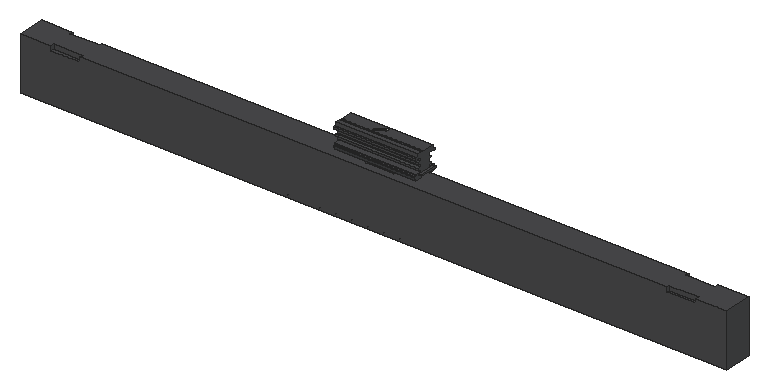
Revit family "DOT SINGLE HEAD RAIL 964_DTM40N9.5.24", category Luminarias, Revit 2019
Family settings
  Cota de conector redondo = Diámetro de uso
  Tipo de pieza = Normal
  Se basa en plano de trabajo = Sí
  Siempre vertical = Sí
  Corte con vacíos al cargar = No
  Origen de luz = Sí
  Compartido = No
  Punto de cálculo de habitación = No
Parameters (values of type "DOT SINGLE HEAD RAIL 964_DTM40N9.5.24")
  Ángulo de inclinación = 60.00°
  Zone [instance] = ""
  Watt per fixture = 40
  Wattage = 40 W
  built-in parameter 1150107 = 4000 (stored number, unit not read)
  built-in parameter 1150110 = 1 (stored number, unit not read)
  built-in parameter 1150109 = 1 (stored number, unit not read)
  built-in parameter 1150112 = 1 (stored number, unit not read)
  built-in parameter 1150113 = 1 (stored number, unit not read)
  built-in parameter 1114218 = 1 (stored number, unit not read)
  Keynote = ""
  built-in parameter 1150137 = (empty or 0)
  built-in parameter 1150132 = (empty or 0)
  Modelo = "DTM40N9.5.24"
  Lámpara = "3030SMD PHILIPS"
  built-in parameter 1150105 = 16634.2 (stored number, unit not read)
  built-in parameter 1150102 = (empty or 0)
  built-in parameter 1150106 = 166.34 (stored number, unit not read)
  Lumens = 3280 lm
  Color Filter = 16777215
  built-in parameter 1114217 = 1 (stored number, unit not read)
  built-in parameter 1150139 = (empty or 0)
  Fabricante = "BRILLANT"
  Default Elevation = 1219.2 mm
  built-in parameter 1150104 = 7.618 (stored number, unit not read)
  Descripción = "LUMINARIA DOWNLIGHT EN FORMATO RECTANGULAR COMPATIBLE CON RIEL DE 6 ENTRADAS Y 3 CIRCUITOS CON CABEZAL PARA PODER DIRIGIR LA LUMINARIA HASTA 30 GRADOS, CUERPO DE ALUMINIO ACABADO EN COLOR NEGRO, IP 20, PESO 2.16Kg, TIPO DE LED 3030SMD PHILIPS CON 40W TOTAL, 3200 LUMENES, 82LM/W, IRC 90, TEMPERATURA EN BLANCO FRIO 4000K, 50 MIL HORAS DE VIDA PROMEDIO, APERTURA DE 24 GRADOS EN STOCK, ALIMENTADO A 90-240V"
  built-in parameter 1150115 = 1 (stored number, unit not read)
  built-in parameter 1150114 = 1 (stored number, unit not read)
  Comentarios de vataje = "90-240V"
  built-in parameter 1150138 = (empty or 0)
  built-in parameter 1150134 = 12
  Circuit [instance] = ""
  Dimming Lamp Color Temperature Shift = (empty or 0)
  Archivo de red fotométrica = "L964A-40W-840-B-24_IESNA95.IES"
  built-in parameter 1150133 = 10 (stored number, unit not read)
Reference planes
  plane 1 "Centro (Frontal/Posterior)": y = 0
  plane 2: z = 0
  plane 3 "Centro (Izquierda/Derecha)": x = 0
Forms (mm)
  Extrusion 1, solid, material "Default Form"
    sketch origin (0, 0, 0) x (1, 0, 0) y (0, 0, 1)
      loop
        line (-482, 0) -> (-482, -72) -> (482, -72) -> (482, 0) -> (-482, 0)
    from -18.326 to 18.326
  Blend 2, void
    base sketch origin (0, 0, 0) x (1, 0, 0) y (0, 1, 0)
      loop
        line (-162, 16.149) -> (-162, -16.149) -> (-144.14, -16.149) -> (-144.14, 16.149) -> (-162, 16.149)
    top sketch origin (0, 0, 0) x (1, 0, 0) y (0, 1, 0)
      loop
        line (-160, 12.149) -> (-160, -12.149) -> (-146.14, -12.149) -> (-146.14, 12.149) -> (-160, 12.149)
    from -72 to -61.591
  Blend 3, void
    base sketch origin (21.86, 0, 0) x (1, 0, 0) y (0, 1, 0)
      loop
        line (-162, 16.149) -> (-162, -16.149) -> (-144.14, -16.149) -> (-144.14, 16.149) -> (-162, 16.149)
    top sketch origin (21.86, 0, 0) x (1, 0, 0) y (0, 1, 0)
      loop
        line (-160, 12.149) -> (-160, -12.149) -> (-146.14, -12.149) -> (-146.14, 12.149) -> (-160, 12.149)
    from -72 to -61.591
  Blend 4, void
    base sketch origin (43.72, 0, 0) x (1, 0, 0) y (0, 1, 0)
      loop
        line (-162, 16.149) -> (-162, -16.149) -> (-144.14, -16.149) -> (-144.14, 16.149) -> (-162, 16.149)
    top sketch origin (43.72, 0, 0) x (1, 0, 0) y (0, 1, 0)
      loop
        line (-160, 12.149) -> (-160, -12.149) -> (-146.14, -12.149) -> (-146.14, 12.149) -> (-160, 12.149)
    from -72 to -61.591
  Blend 5, void
    base sketch origin (65.58, 0, 0) x (1, 0, 0) y (0, 1, 0)
      loop
        line (-162, 16.149) -> (-162, -16.149) -> (-144.14, -16.149) -> (-144.14, 16.149) -> (-162, 16.149)
    top sketch origin (65.58, 0, 0) x (1, 0, 0) y (0, 1, 0)
      loop
        line (-160, 12.149) -> (-160, -12.149) -> (-146.14, -12.149) -> (-146.14, 12.149) -> (-160, 12.149)
    from -72 to -61.591
  Blend 6, void
    base sketch origin (87.44, 0, 0) x (1, 0, 0) y (0, 1, 0)
      loop
        line (-162, 16.149) -> (-162, -16.149) -> (-144.14, -16.149) -> (-144.14, 16.149) -> (-162, 16.149)
    top sketch origin (87.44, 0, 0) x (1, 0, 0) y (0, 1, 0)
      loop
        line (-160, 12.149) -> (-160, -12.149) -> (-146.14, -12.149) -> (-146.14, 12.149) -> (-160, 12.149)
    from -72 to -61.591
  Blend 7, void
    base sketch origin (109.3, 0, 0) x (1, 0, 0) y (0, 1, 0)
      loop
        line (-162, 16.149) -> (-162, -16.149) -> (-144.14, -16.149) -> (-144.14, 16.149) -> (-162, 16.149)
    top sketch origin (109.3, 0, 0) x (1, 0, 0) y (0, 1, 0)
      loop
        line (-160, 12.149) -> (-160, -12.149) -> (-146.14, -12.149) -> (-146.14, 12.149) -> (-160, 12.149)
    from -72 to -61.591
  Blend 8, void
    base sketch origin (131.16, 0, 0) x (1, 0, 0) y (0, 1, 0)
      loop
        line (-162, 16.149) -> (-162, -16.149) -> (-144.14, -16.149) -> (-144.14, 16.149) -> (-162, 16.149)
    top sketch origin (131.16, 0, 0) x (1, 0, 0) y (0, 1, 0)
      loop
        line (-160, 12.149) -> (-160, -12.149) -> (-146.14, -12.149) -> (-146.14, 12.149) -> (-160, 12.149)
    from -72 to -61.591
  Blend 9, void
    base sketch origin (153.02, 0, 0) x (1, 0, 0) y (0, 1, 0)
      loop
        line (-162, 16.149) -> (-162, -16.149) -> (-144.14, -16.149) -> (-144.14, 16.149) -> (-162, 16.149)
    top sketch origin (153.02, 0, 0) x (1, 0, 0) y (0, 1, 0)
      loop
        line (-160, 12.149) -> (-160, -12.149) -> (-146.14, -12.149) -> (-146.14, 12.149) -> (-160, 12.149)
    from -72 to -61.591
  Blend 10, void
    base sketch origin (174.88, 0, 0) x (1, 0, 0) y (0, 1, 0)
      loop
        line (-162, 16.149) -> (-162, -16.149) -> (-144.14, -16.149) -> (-144.14, 16.149) -> (-162, 16.149)
    top sketch origin (174.88, 0, 0) x (1, 0, 0) y (0, 1, 0)
      loop
        line (-160, 12.149) -> (-160, -12.149) -> (-146.14, -12.149) -> (-146.14, 12.149) -> (-160, 12.149)
    from -72 to -61.591
  Blend 11, void
    base sketch origin (196.74, 0, 0) x (1, 0, 0) y (0, 1, 0)
      loop
        line (-162, 16.149) -> (-162, -16.149) -> (-144.14, -16.149) -> (-144.14, 16.149) -> (-162, 16.149)
    top sketch origin (196.74, 0, 0) x (1, 0, 0) y (0, 1, 0)
      loop
        line (-160, 12.149) -> (-160, -12.149) -> (-146.14, -12.149) -> (-146.14, 12.149) -> (-160, 12.149)
    from -72 to -61.591
  Blend 12, void
    base sketch origin (218.6, 0, 0) x (1, 0, 0) y (0, 1, 0)
      loop
        line (-162, 16.149) -> (-162, -16.149) -> (-144.14, -16.149) -> (-144.14, 16.149) -> (-162, 16.149)
    top sketch origin (218.6, 0, 0) x (1, 0, 0) y (0, 1, 0)
      loop
        line (-160, 12.149) -> (-160, -12.149) -> (-146.14, -12.149) -> (-146.14, 12.149) -> (-160, 12.149)
    from -72 to -61.591
  Blend 13, void
    base sketch origin (240.46, 0, 0) x (1, 0, 0) y (0, 1, 0)
      loop
        line (-162, 16.149) -> (-162, -16.149) -> (-144.14, -16.149) -> (-144.14, 16.149) -> (-162, 16.149)
    top sketch origin (240.46, 0, 0) x (1, 0, 0) y (0, 1, 0)
      loop
        line (-160, 12.149) -> (-160, -12.149) -> (-146.14, -12.149) -> (-146.14, 12.149) -> (-160, 12.149)
    from -72 to -61.591
  Blend 14, void
    base sketch origin (262.32, 0, 0) x (1, 0, 0) y (0, 1, 0)
      loop
        line (-162, 16.149) -> (-162, -16.149) -> (-144.14, -16.149) -> (-144.14, 16.149) -> (-162, 16.149)
    top sketch origin (262.32, 0, 0) x (1, 0, 0) y (0, 1, 0)
      loop
        line (-160, 12.149) -> (-160, -12.149) -> (-146.14, -12.149) -> (-146.14, 12.149) -> (-160, 12.149)
    from -72 to -61.591
  Blend 15, void
    base sketch origin (284.18, 0, 0) x (1, 0, 0) y (0, 1, 0)
      loop
        line (-162, 16.149) -> (-162, -16.149) -> (-144.14, -16.149) -> (-144.14, 16.149) -> (-162, 16.149)
    top sketch origin (284.18, 0, 0) x (1, 0, 0) y (0, 1, 0)
      loop
        line (-160, 12.149) -> (-160, -12.149) -> (-146.14, -12.149) -> (-146.14, 12.149) -> (-160, 12.149)
    from -72 to -61.591
  Blend 16, void
    base sketch origin (306.04, 0, 0) x (1, 0, 0) y (0, 1, 0)
      loop
        line (-162, 16.149) -> (-162, -16.149) -> (-144.14, -16.149) -> (-144.14, 16.149) -> (-162, 16.149)
    top sketch origin (306.04, 0, 0) x (1, 0, 0) y (0, 1, 0)
      loop
        line (-160, 12.149) -> (-160, -12.149) -> (-146.14, -12.149) -> (-146.14, 12.149) -> (-160, 12.149)
    from -72 to -61.591
  Extrusion 17, solid, material "Default Form"
    sketch origin (-55.628, 0, 7.5) x (0, 1, 0) y (0, 0, 1)
      loop
        line (-7.273, 1.74) -> (7.273, 1.74) -> (7.273, 0) -> (15.231, 0) -> (17.006, 4.494) -> (15.021, 4.494) -> (14.058, 5.868) -> (14.058, 7.166) -> (6.473, 7.166) -> (6.473, 9.324) -> (10.169, 10.163) -> (10.169, 12.464) -> (6.473, 13.302) -> (6.473, 16.66) -> (10.169, 17.499) -> (10.169, 19.8) -> (6.473, 20.638) -> (6.473, 25.016) -> (13.839, 25.016) -> (14.514, 24.341) -> (15.775, 24.341) -> (15.775, 27.171) -> (14.73, 27.171) -> (14.058, 26.499) -> (6.473, 26.499) -> (6.473, 27.299) -> (12.377, 27.299) -> (12.377, 31.471) -> (-2.744, 31.471) -> (-2.744, 30.671) -> (-5.514, 30.671) -> (-5.514, 31.471) -> (-12.377, 31.471) -> (-12.377, 27.299) -> (-6.473, 27.299) -> (-6.473, 26.499) -> (-14.058, 26.499) -> (-14.73, 27.171) -> (-15.775, 27.171) -> (-15.775, 24.341) -> (-14.514, 24.341) -> (-13.839, 25.016) -> (-6.473, 25.016) -> (-6.473, 20.638) -> (-10.169, 19.8) -> (-10.169, 17.499) -> (-6.473, 16.66) -> (-6.473, 13.302) -> (-10.169, 12.464) -> (-10.169, 10.163) -> (-6.473, 9.324) -> (-6.473, 7.166) -> (-14.058, 7.166) -> (-14.058, 5.868) -> (-15.021, 4.494) -> (-17.006, 4.494) -> (-15.231, 0) -> (-7.273, 0) -> (-7.273, 1.74)
    from 0 to 111.256
  Extrusion 18, solid, material "Default Form"
    sketch origin (0, 0, 0) x (1, 0, 0) y (0, 1, 0)
      loop
        line (-19.12, 6.873) -> (-19.12, -6.873) -> (19.12, -6.873) -> (19.12, 6.873) -> (-19.12, 6.873)
    from 0 to 2.67
  Extrusion 19, solid, material "Default Form"
    sketch origin (0, 0, 0) x (1, 0, 0) y (0, 1, 0)
      loop
        line (-10.93, 3.188) -> (-10.93, -3.188) -> (10.93, -3.188) -> (10.93, 3.188) -> (-10.93, 3.188)
    from 2.67 to 7.5
  Extrusion 20, void
    sketch origin (0, 0, 0) x (1, 0, 0) y (0, 1, 0)
      loop
        line (-400.28, 18.326) -> (-440, 18.326) -> (-440, 14.276) -> (-400.28, 14.276) -> (-400.28, 18.326)
      loop
        line (-440, -18.326) -> (-400.28, -18.326) -> (-400.28, -14.276) -> (-440, -14.276) -> (-440, -18.326)
      loop
        line (400.28, 18.326) -> (400.28, 14.276) -> (440, 14.276) -> (440, 18.326) -> (400.28, 18.326)
      loop
        line (440, -18.326) -> (440, -14.276) -> (400.28, -14.276) -> (400.28, -18.326) -> (440, -18.326)
    from -6.015 to 0
  Extrusion 21, solid, material "Acero Inoxidable"
    sketch origin (0, -1.594, 0) x (1, 0, 0) y (0, 0, -1)
      loop
        line (-15, -38.971) -> (3.794, -45.811) -> (4.341, -44.308) -> (3.589, -44.034) -> (3.316, -44.786) -> (-12.661, -38.971) -> (-15, -38.971)
    from 0 to 3.188
  Extrusion 22, solid, material "Default Form"
    sketch origin (0, 0, 0) x (1, 0, 0) y (0, 1, 0)
      loop
        line (-55.628, 6.473) -> (-66.331, 6.473) -> (-66.331, 0) -> (-55.628, 0) -> (-55.628, 6.473)
      loop
        line (55.628, 12.377) -> (55.628, -12.149) -> (60.628, -12.149) -> (60.628, 12.377) -> (55.628, 12.377)
    from 13.368 to 15
  Blend 23, void
    base sketch origin (-87.44, 0, 0) x (1, 0, 0) y (0, 1, 0)
      loop
        line (-162, 16.149) -> (-162, -16.149) -> (-144.14, -16.149) -> (-144.14, 16.149) -> (-162, 16.149)
    top sketch origin (-87.44, 0, 0) x (1, 0, 0) y (0, 1, 0)
      loop
        line (-160, 12.149) -> (-160, -12.149) -> (-146.14, -12.149) -> (-146.14, 12.149) -> (-160, 12.149)
    from -72 to -61.591
  Blend 24, void
    base sketch origin (-65.58, 0, 0) x (1, 0, 0) y (0, 1, 0)
      loop
        line (-162, 16.149) -> (-162, -16.149) -> (-144.14, -16.149) -> (-144.14, 16.149) -> (-162, 16.149)
    top sketch origin (-65.58, 0, 0) x (1, 0, 0) y (0, 1, 0)
      loop
        line (-160, 12.149) -> (-160, -12.149) -> (-146.14, -12.149) -> (-146.14, 12.149) -> (-160, 12.149)
    from -72 to -61.591
  Blend 25, void
    base sketch origin (-43.72, 0, 0) x (1, 0, 0) y (0, 1, 0)
      loop
        line (-162, 16.149) -> (-162, -16.149) -> (-144.14, -16.149) -> (-144.14, 16.149) -> (-162, 16.149)
    top sketch origin (-43.72, 0, 0) x (1, 0, 0) y (0, 1, 0)
      loop
        line (-160, 12.149) -> (-160, -12.149) -> (-146.14, -12.149) -> (-146.14, 12.149) -> (-160, 12.149)
    from -72 to -61.591
  Blend 26, void
    base sketch origin (-21.86, 0, 0) x (1, 0, 0) y (0, 1, 0)
      loop
        line (-162, 16.149) -> (-162, -16.149) -> (-144.14, -16.149) -> (-144.14, 16.149) -> (-162, 16.149)
    top sketch origin (-21.86, 0, 0) x (1, 0, 0) y (0, 1, 0)
      loop
        line (-160, 12.149) -> (-160, -12.149) -> (-146.14, -12.149) -> (-146.14, 12.149) -> (-160, 12.149)
    from -72 to -61.591
  Blend 27, void
    base sketch origin (-109.3, 0, 0) x (1, 0, 0) y (0, 1, 0)
      loop
        line (-162, 16.149) -> (-162, -16.149) -> (-144.14, -16.149) -> (-144.14, 16.149) -> (-162, 16.149)
    top sketch origin (-109.3, 0, 0) x (1, 0, 0) y (0, 1, 0)
      loop
        line (-160, 12.149) -> (-160, -12.149) -> (-146.14, -12.149) -> (-146.14, 12.149) -> (-160, 12.149)
    from -72 to -61.591
  Blend 28, void
    base sketch origin (327.9, 0, 0) x (1, 0, 0) y (0, 1, 0)
      loop
        line (-162, 16.149) -> (-162, -16.149) -> (-144.14, -16.149) -> (-144.14, 16.149) -> (-162, 16.149)
    top sketch origin (327.9, 0, 0) x (1, 0, 0) y (0, 1, 0)
      loop
        line (-160, 12.149) -> (-160, -12.149) -> (-146.14, -12.149) -> (-146.14, 12.149) -> (-160, 12.149)
    from -72 to -61.591
  Blend 29, void
    base sketch origin (349.76, 0, 0) x (1, 0, 0) y (0, 1, 0)
      loop
        line (-162, 16.149) -> (-162, -16.149) -> (-144.14, -16.149) -> (-144.14, 16.149) -> (-162, 16.149)
    top sketch origin (349.76, 0, 0) x (1, 0, 0) y (0, 1, 0)
      loop
        line (-160, 12.149) -> (-160, -12.149) -> (-146.14, -12.149) -> (-146.14, 12.149) -> (-160, 12.149)
    from -72 to -61.591
  Blend 30, void
    base sketch origin (371.62, 0, 0) x (1, 0, 0) y (0, 1, 0)
      loop
        line (-162, 16.149) -> (-162, -16.149) -> (-144.14, -16.149) -> (-144.14, 16.149) -> (-162, 16.149)
    top sketch origin (371.62, 0, 0) x (1, 0, 0) y (0, 1, 0)
      loop
        line (-160, 12.149) -> (-160, -12.149) -> (-146.14, -12.149) -> (-146.14, 12.149) -> (-160, 12.149)
    from -72 to -61.591
  Blend 31, void
    base sketch origin (393.48, 0, 0) x (1, 0, 0) y (0, 1, 0)
      loop
        line (-162, 16.149) -> (-162, -16.149) -> (-144.14, -16.149) -> (-144.14, 16.149) -> (-162, 16.149)
    top sketch origin (393.48, 0, 0) x (1, 0, 0) y (0, 1, 0)
      loop
        line (-160, 12.149) -> (-160, -12.149) -> (-146.14, -12.149) -> (-146.14, 12.149) -> (-160, 12.149)
    from -72 to -61.591
  Blend 32, void
    base sketch origin (415.34, 0, 0) x (1, 0, 0) y (0, 1, 0)
      loop
        line (-162, 16.149) -> (-162, -16.149) -> (-144.14, -16.149) -> (-144.14, 16.149) -> (-162, 16.149)
    top sketch origin (415.34, 0, 0) x (1, 0, 0) y (0, 1, 0)
      loop
        line (-160, 12.149) -> (-160, -12.149) -> (-146.14, -12.149) -> (-146.14, 12.149) -> (-160, 12.149)
    from -72 to -61.591
  Blend 33, void
    base sketch origin (-196.74, 0, 0) x (1, 0, 0) y (0, 1, 0)
      loop
        line (-162, 16.149) -> (-162, -16.149) -> (-144.14, -16.149) -> (-144.14, 16.149) -> (-162, 16.149)
    top sketch origin (-196.74, 0, 0) x (1, 0, 0) y (0, 1, 0)
      loop
        line (-160, 12.149) -> (-160, -12.149) -> (-146.14, -12.149) -> (-146.14, 12.149) -> (-160, 12.149)
    from -72 to -61.591
  Blend 34, void
    base sketch origin (-174.88, 0, 0) x (1, 0, 0) y (0, 1, 0)
      loop
        line (-162, 16.149) -> (-162, -16.149) -> (-144.14, -16.149) -> (-144.14, 16.149) -> (-162, 16.149)
    top sketch origin (-174.88, 0, 0) x (1, 0, 0) y (0, 1, 0)
      loop
        line (-160, 12.149) -> (-160, -12.149) -> (-146.14, -12.149) -> (-146.14, 12.149) -> (-160, 12.149)
    from -72 to -61.591
  Blend 35, void
    base sketch origin (-153.02, 0, 0) x (1, 0, 0) y (0, 1, 0)
      loop
        line (-162, 16.149) -> (-162, -16.149) -> (-144.14, -16.149) -> (-144.14, 16.149) -> (-162, 16.149)
    top sketch origin (-153.02, 0, 0) x (1, 0, 0) y (0, 1, 0)
      loop
        line (-160, 12.149) -> (-160, -12.149) -> (-146.14, -12.149) -> (-146.14, 12.149) -> (-160, 12.149)
    from -72 to -61.591
  Blend 36, void
    base sketch origin (-131.16, 0, 0) x (1, 0, 0) y (0, 1, 0)
      loop
        line (-162, 16.149) -> (-162, -16.149) -> (-144.14, -16.149) -> (-144.14, 16.149) -> (-162, 16.149)
    top sketch origin (-131.16, 0, 0) x (1, 0, 0) y (0, 1, 0)
      loop
        line (-160, 12.149) -> (-160, -12.149) -> (-146.14, -12.149) -> (-146.14, 12.149) -> (-160, 12.149)
    from -72 to -61.591
  Blend 37, void
    base sketch origin (-218.6, 0, 0) x (1, 0, 0) y (0, 1, 0)
      loop
        line (-162, 16.149) -> (-162, -16.149) -> (-144.14, -16.149) -> (-144.14, 16.149) -> (-162, 16.149)
    top sketch origin (-218.6, 0, 0) x (1, 0, 0) y (0, 1, 0)
      loop
        line (-160, 12.149) -> (-160, -12.149) -> (-146.14, -12.149) -> (-146.14, 12.149) -> (-160, 12.149)
    from -72 to -61.591
  Blend 38, void
    base sketch origin (437.2, 0, 0) x (1, 0, 0) y (0, 1, 0)
      loop
        line (-162, 16.149) -> (-162, -16.149) -> (-144.14, -16.149) -> (-144.14, 16.149) -> (-162, 16.149)
    top sketch origin (437.2, 0, 0) x (1, 0, 0) y (0, 1, 0)
      loop
        line (-160, 12.149) -> (-160, -12.149) -> (-146.14, -12.149) -> (-146.14, 12.149) -> (-160, 12.149)
    from -72 to -61.591
  Blend 39, void
    base sketch origin (459.06, 0, 0) x (1, 0, 0) y (0, 1, 0)
      loop
        line (-162, 16.149) -> (-162, -16.149) -> (-144.14, -16.149) -> (-144.14, 16.149) -> (-162, 16.149)
    top sketch origin (459.06, 0, 0) x (1, 0, 0) y (0, 1, 0)
      loop
        line (-160, 12.149) -> (-160, -12.149) -> (-146.14, -12.149) -> (-146.14, 12.149) -> (-160, 12.149)
    from -72 to -61.591
  Blend 40, void
    base sketch origin (480.92, 0, 0) x (1, 0, 0) y (0, 1, 0)
      loop
        line (-162, 16.149) -> (-162, -16.149) -> (-144.14, -16.149) -> (-144.14, 16.149) -> (-162, 16.149)
    top sketch origin (480.92, 0, 0) x (1, 0, 0) y (0, 1, 0)
      loop
        line (-160, 12.149) -> (-160, -12.149) -> (-146.14, -12.149) -> (-146.14, 12.149) -> (-160, 12.149)
    from -72 to -61.591
  Blend 41, void
    base sketch origin (502.78, 0, 0) x (1, 0, 0) y (0, 1, 0)
      loop
        line (-162, 16.149) -> (-162, -16.149) -> (-144.14, -16.149) -> (-144.14, 16.149) -> (-162, 16.149)
    top sketch origin (502.78, 0, 0) x (1, 0, 0) y (0, 1, 0)
      loop
        line (-160, 12.149) -> (-160, -12.149) -> (-146.14, -12.149) -> (-146.14, 12.149) -> (-160, 12.149)
    from -72 to -61.591
  Blend 42, void
    base sketch origin (524.64, 0, 0) x (1, 0, 0) y (0, 1, 0)
      loop
        line (-162, 16.149) -> (-162, -16.149) -> (-144.14, -16.149) -> (-144.14, 16.149) -> (-162, 16.149)
    top sketch origin (524.64, 0, 0) x (1, 0, 0) y (0, 1, 0)
      loop
        line (-160, 12.149) -> (-160, -12.149) -> (-146.14, -12.149) -> (-146.14, 12.149) -> (-160, 12.149)
    from -72 to -61.591
Cuts and joins
  Blend 2, Blend 3, Blend 4, Blend 5, Blend 6, Blend 7, Blend 8, Blend 9, Blend 10, Blend 11, Blend 12, Blend 13, Blend 14, Blend 15, Blend 16, Extrusion 20, Blend 23, Blend 24, Blend 25, Blend 26, Blend 27, Blend 28, Blend 29, Blend 30, Blend 31, Blend 32, Blend 33, Blend 34, Blend 35, Blend 36, Blend 37, Blend 38, Blend 39, Blend 40, Blend 41, Blend 42 cuts Extrusion 1
Dimensions and locks
  equal spacing: Extrusion 1, plane 1 "Centro (Frontal/Posterior)", Extrusion 1
  Extrusion 1 to plane 1 "Centro (Frontal/Posterior)" = 18.326 mm
  Extrusion 1 to Extrusion 1 = 36.651 mm
  Extrusion 1 to Extrusion 1 = 72 mm
  Extrusion 1 to Extrusion 1 = 964 mm
  cut or joined group 1 (Extrusion 1, Blend 2, Blend 3, Blend 4, Blend 5, Blend 6, Blend 7, Blend 8, Blend 9, Blend 10, Blend 11, Blend 12, Blend 13, Blend 14, Blend 15, Blend 16, Extrusion 20, Blend 23, Blend 24, Blend 25, Blend 26, Blend 27, Blend 28, Blend 29, Blend 30, Blend 31, Blend 32, Blend 33, Blend 34, Blend 35, Blend 36, Blend 37, Blend 38, Blend 39, Blend 40, Blend 41, Blend 42) to cut or joined group 1 = 72 mm
  cut or joined group 1 to cut or joined group 1 = 36.651 mm
  cut or joined group 1 to cut or joined group 1 = 964 mm
  equal spacing: cut or joined group 1, plane 1 "Centro (Frontal/Posterior)", cut or joined group 1
  cut or joined group 1 to cut or joined group 1 = 42 mm
  aligned and locked: level to plane 2
  aligned and locked: Extrusion 19 to Extrusion 17
  aligned and locked: Extrusion 19 to Extrusion 18
Automatic sketch dimensions
  Extrusion 1 sketch curve to level = 0 mm
  Extrusion 1 sketch curve to level = 72 mm
  Extrusion 1 sketch curve to plane 3 "Centro (Izquierda/Derecha)" = 482 mm
  plane 3 "Centro (Izquierda/Derecha)" to Extrusion 1 sketch curve = 482 mm
  Blend 2 sketch curve to plane 1 "Centro (Frontal/Posterior)" = 16.149 mm
  Blend 2 sketch curve to plane 3 "Centro (Izquierda/Derecha)" = 162 mm
  Blend 2 sketch curve to Blend 2 sketch curve = 17.86 mm
  plane 1 "Centro (Frontal/Posterior)" to Blend 2 sketch curve = 16.149 mm
  Blend 2 sketch curve to plane 1 "Centro (Frontal/Posterior)" = 12.149 mm
  Blend 2 sketch curve to plane 3 "Centro (Izquierda/Derecha)" = 160 mm
  Blend 2 sketch curve to Blend 2 sketch curve = 13.86 mm
  plane 1 "Centro (Frontal/Posterior)" to Blend 2 sketch curve = 12.149 mm
  Blend 3 sketch curve to plane 1 "Centro (Frontal/Posterior)" = 16.149 mm
  Blend 3 sketch curve to plane 3 "Centro (Izquierda/Derecha)" = 140.14 mm
  Blend 3 sketch curve to Blend 3 sketch curve = 17.86 mm
  plane 1 "Centro (Frontal/Posterior)" to Blend 3 sketch curve = 16.149 mm
  Blend 3 sketch curve to plane 1 "Centro (Frontal/Posterior)" = 12.149 mm
  Blend 3 sketch curve to plane 3 "Centro (Izquierda/Derecha)" = 138.14 mm
  Blend 3 sketch curve to Blend 3 sketch curve = 13.86 mm
  plane 1 "Centro (Frontal/Posterior)" to Blend 3 sketch curve = 12.149 mm
  Blend 4 sketch curve to plane 1 "Centro (Frontal/Posterior)" = 16.149 mm
  Blend 4 sketch curve to plane 3 "Centro (Izquierda/Derecha)" = 118.28 mm
  Blend 4 sketch curve to Blend 4 sketch curve = 17.86 mm
  plane 1 "Centro (Frontal/Posterior)" to Blend 4 sketch curve = 16.149 mm
  Blend 4 sketch curve to plane 1 "Centro (Frontal/Posterior)" = 12.149 mm
  Blend 4 sketch curve to plane 3 "Centro (Izquierda/Derecha)" = 116.28 mm
  Blend 4 sketch curve to Blend 4 sketch curve = 13.86 mm
  plane 1 "Centro (Frontal/Posterior)" to Blend 4 sketch curve = 12.149 mm
  Blend 5 sketch curve to plane 1 "Centro (Frontal/Posterior)" = 16.149 mm
  Blend 5 sketch curve to plane 3 "Centro (Izquierda/Derecha)" = 96.42 mm
  Blend 5 sketch curve to Blend 5 sketch curve = 17.86 mm
  plane 1 "Centro (Frontal/Posterior)" to Blend 5 sketch curve = 16.149 mm
  Blend 5 sketch curve to plane 1 "Centro (Frontal/Posterior)" = 12.149 mm
  Blend 5 sketch curve to plane 3 "Centro (Izquierda/Derecha)" = 94.42 mm
  Blend 5 sketch curve to Blend 5 sketch curve = 13.86 mm
  plane 1 "Centro (Frontal/Posterior)" to Blend 5 sketch curve = 12.149 mm
  Blend 6 sketch curve to plane 1 "Centro (Frontal/Posterior)" = 16.149 mm
  Blend 6 sketch curve to plane 3 "Centro (Izquierda/Derecha)" = 74.56 mm
  Blend 6 sketch curve to Blend 6 sketch curve = 17.86 mm
  plane 1 "Centro (Frontal/Posterior)" to Blend 6 sketch curve = 16.149 mm
  Blend 6 sketch curve to plane 1 "Centro (Frontal/Posterior)" = 12.149 mm
  Blend 6 sketch curve to plane 3 "Centro (Izquierda/Derecha)" = 72.56 mm
  Blend 6 sketch curve to Blend 6 sketch curve = 13.86 mm
  plane 1 "Centro (Frontal/Posterior)" to Blend 6 sketch curve = 12.149 mm
  Blend 7 sketch curve to plane 1 "Centro (Frontal/Posterior)" = 16.149 mm
  Blend 7 sketch curve to plane 3 "Centro (Izquierda/Derecha)" = 52.7 mm
  Blend 7 sketch curve to Blend 7 sketch curve = 17.86 mm
  plane 1 "Centro (Frontal/Posterior)" to Blend 7 sketch curve = 16.149 mm
  Blend 7 sketch curve to plane 1 "Centro (Frontal/Posterior)" = 12.149 mm
  Blend 7 sketch curve to plane 3 "Centro (Izquierda/Derecha)" = 50.7 mm
  Blend 7 sketch curve to Blend 7 sketch curve = 13.86 mm
  plane 1 "Centro (Frontal/Posterior)" to Blend 7 sketch curve = 12.149 mm
  Blend 8 sketch curve to plane 3 "Centro (Izquierda/Derecha)" = 30.84 mm
  Blend 8 sketch curve to plane 3 "Centro (Izquierda/Derecha)" = 12.98 mm
  plane 1 "Centro (Frontal/Posterior)" to Blend 8 sketch curve = 16.149 mm
  Blend 8 sketch curve to plane 1 "Centro (Frontal/Posterior)" = 16.149 mm
  Blend 8 sketch curve to plane 1 "Centro (Frontal/Posterior)" = 12.149 mm
  Blend 8 sketch curve to plane 3 "Centro (Izquierda/Derecha)" = 28.84 mm
  Blend 8 sketch curve to Blend 8 sketch curve = 13.86 mm
  plane 1 "Centro (Frontal/Posterior)" to Blend 8 sketch curve = 12.149 mm
  Blend 9 sketch curve to plane 3 "Centro (Izquierda/Derecha)" = 8.98 mm
  plane 3 "Centro (Izquierda/Derecha)" to Blend 9 sketch curve = 8.88 mm
  plane 1 "Centro (Frontal/Posterior)" to Blend 9 sketch curve = 16.149 mm
  Blend 9 sketch curve to plane 1 "Centro (Frontal/Posterior)" = 16.149 mm
  Blend 9 sketch curve to plane 3 "Centro (Izquierda/Derecha)" = 6.98 mm
  plane 3 "Centro (Izquierda/Derecha)" to Blend 9 sketch curve = 6.88 mm
  plane 1 "Centro (Frontal/Posterior)" to Blend 9 sketch curve = 12.149 mm
  Blend 9 sketch curve to plane 1 "Centro (Frontal/Posterior)" = 12.149 mm
  plane 3 "Centro (Izquierda/Derecha)" to Blend 10 sketch curve = 12.88 mm
  Blend 10 sketch curve to Blend 10 sketch curve = 17.86 mm
  plane 1 "Centro (Frontal/Posterior)" to Blend 10 sketch curve = 16.149 mm
  Blend 10 sketch curve to plane 1 "Centro (Frontal/Posterior)" = 16.149 mm
  plane 3 "Centro (Izquierda/Derecha)" to Blend 10 sketch curve = 14.88 mm
  Blend 10 sketch curve to Blend 10 sketch curve = 13.86 mm
  plane 1 "Centro (Frontal/Posterior)" to Blend 10 sketch curve = 12.149 mm
  Blend 10 sketch curve to plane 1 "Centro (Frontal/Posterior)" = 12.149 mm
  Blend 11 sketch curve to plane 1 "Centro (Frontal/Posterior)" = 16.149 mm
  plane 3 "Centro (Izquierda/Derecha)" to Blend 11 sketch curve = 34.74 mm
  Blend 11 sketch curve to Blend 11 sketch curve = 17.86 mm
  plane 1 "Centro (Frontal/Posterior)" to Blend 11 sketch curve = 16.149 mm
  Blend 11 sketch curve to plane 1 "Centro (Frontal/Posterior)" = 12.149 mm
  plane 3 "Centro (Izquierda/Derecha)" to Blend 11 sketch curve = 36.74 mm
  Blend 11 sketch curve to Blend 11 sketch curve = 13.86 mm
  plane 1 "Centro (Frontal/Posterior)" to Blend 11 sketch curve = 12.149 mm
  Blend 12 sketch curve to plane 1 "Centro (Frontal/Posterior)" = 16.149 mm
  plane 3 "Centro (Izquierda/Derecha)" to Blend 12 sketch curve = 56.6 mm
  Blend 12 sketch curve to Blend 12 sketch curve = 17.86 mm
  plane 1 "Centro (Frontal/Posterior)" to Blend 12 sketch curve = 16.149 mm
  Blend 12 sketch curve to plane 1 "Centro (Frontal/Posterior)" = 12.149 mm
  plane 3 "Centro (Izquierda/Derecha)" to Blend 12 sketch curve = 58.6 mm
  Blend 12 sketch curve to Blend 12 sketch curve = 13.86 mm
  plane 1 "Centro (Frontal/Posterior)" to Blend 12 sketch curve = 12.149 mm
  Blend 13 sketch curve to plane 1 "Centro (Frontal/Posterior)" = 16.149 mm
  plane 3 "Centro (Izquierda/Derecha)" to Blend 13 sketch curve = 78.46 mm
  Blend 13 sketch curve to Blend 13 sketch curve = 17.86 mm
  plane 1 "Centro (Frontal/Posterior)" to Blend 13 sketch curve = 16.149 mm
  Blend 13 sketch curve to plane 1 "Centro (Frontal/Posterior)" = 12.149 mm
  plane 3 "Centro (Izquierda/Derecha)" to Blend 13 sketch curve = 80.46 mm
  Blend 13 sketch curve to Blend 13 sketch curve = 13.86 mm
  plane 1 "Centro (Frontal/Posterior)" to Blend 13 sketch curve = 12.149 mm
  Blend 14 sketch curve to plane 1 "Centro (Frontal/Posterior)" = 16.149 mm
  plane 3 "Centro (Izquierda/Derecha)" to Blend 14 sketch curve = 100.32 mm
  Blend 14 sketch curve to Blend 14 sketch curve = 17.86 mm
  plane 1 "Centro (Frontal/Posterior)" to Blend 14 sketch curve = 16.149 mm
  Blend 14 sketch curve to plane 1 "Centro (Frontal/Posterior)" = 12.149 mm
  plane 3 "Centro (Izquierda/Derecha)" to Blend 14 sketch curve = 102.32 mm
  Blend 14 sketch curve to Blend 14 sketch curve = 13.86 mm
  plane 1 "Centro (Frontal/Posterior)" to Blend 14 sketch curve = 12.149 mm
  Blend 15 sketch curve to plane 1 "Centro (Frontal/Posterior)" = 16.149 mm
  plane 3 "Centro (Izquierda/Derecha)" to Blend 15 sketch curve = 122.18 mm
  Blend 15 sketch curve to Blend 15 sketch curve = 17.86 mm
  plane 1 "Centro (Frontal/Posterior)" to Blend 15 sketch curve = 16.149 mm
  Blend 15 sketch curve to plane 1 "Centro (Frontal/Posterior)" = 12.149 mm
  plane 3 "Centro (Izquierda/Derecha)" to Blend 15 sketch curve = 124.18 mm
  Blend 15 sketch curve to Blend 15 sketch curve = 13.86 mm
  plane 1 "Centro (Frontal/Posterior)" to Blend 15 sketch curve = 12.149 mm
  Blend 16 sketch curve to plane 1 "Centro (Frontal/Posterior)" = 16.149 mm
  plane 3 "Centro (Izquierda/Derecha)" to Blend 16 sketch curve = 144.04 mm
  Blend 16 sketch curve to Blend 16 sketch curve = 17.86 mm
  plane 1 "Centro (Frontal/Posterior)" to Blend 16 sketch curve = 16.149 mm
  Blend 16 sketch curve to plane 1 "Centro (Frontal/Posterior)" = 12.149 mm
  plane 3 "Centro (Izquierda/Derecha)" to Blend 16 sketch curve = 146.04 mm
  Blend 16 sketch curve to Blend 16 sketch curve = 13.86 mm
  plane 1 "Centro (Frontal/Posterior)" to Blend 16 sketch curve = 12.149 mm
  plane 1 "Centro (Frontal/Posterior)" to Extrusion 17 sketch curve = 17.006 mm
  plane 1 "Centro (Frontal/Posterior)" to Extrusion 17 sketch curve = 15.775 mm
  level to Extrusion 17 sketch curve = 7.5 mm  (x2)
  Extrusion 17 sketch curve to Extrusion 17 sketch curve = 1.775 mm
  Extrusion 17 sketch curve to Extrusion 17 sketch curve = 1.985 mm  (x2)
  Extrusion 17 sketch curve to Extrusion 17 sketch curve = 1.045 mm
  Extrusion 17 sketch curve to Extrusion 17 sketch curve = 1.261 mm  (x2)
  Extrusion 17 sketch curve to Extrusion 17 sketch curve = 0.963 mm  (x2)
  Extrusion 17 sketch curve to Extrusion 17 sketch curve = 0.672 mm  (x4)
  Extrusion 17 sketch curve to Extrusion 17 sketch curve = 0.675 mm  (x3)
  Extrusion 17 sketch curve to Extrusion 17 sketch curve = 2.354 mm
  Extrusion 17 sketch curve to Extrusion 17 sketch curve = 4.345 mm
  Extrusion 17 sketch curve to Extrusion 17 sketch curve = 3.89 mm  (x2)
  plane 1 "Centro (Frontal/Posterior)" to Extrusion 17 sketch curve = 7.273 mm
  Extrusion 17 sketch curve to Extrusion 17 sketch curve = 3.696 mm  (x4)
  Extrusion 17 sketch curve to Extrusion 17 sketch curve = 5.904 mm  (x2)
  Extrusion 17 sketch curve to Extrusion 17 sketch curve = 0 mm  (x3)
  Extrusion 17 sketch curve to Extrusion 17 sketch curve = 0.959 mm
  plane 1 "Centro (Frontal/Posterior)" to Extrusion 17 sketch curve = 2.744 mm
  Extrusion 17 sketch curve to plane 1 "Centro (Frontal/Posterior)" = 6.473 mm  (x2)
  Extrusion 17 sketch curve to Extrusion 17 sketch curve = 0.8 mm  (x3)
  Extrusion 17 sketch curve to Extrusion 17 sketch curve = 1.462 mm
  Extrusion 17 sketch curve to Extrusion 17 sketch curve = 0.22 mm
  Extrusion 17 sketch curve to Extrusion 17 sketch curve = 0.21 mm
  Extrusion 17 sketch curve to Extrusion 17 sketch curve = 1.74 mm
  Extrusion 17 sketch curve to Extrusion 17 sketch curve = 4.494 mm  (x2)
  Extrusion 17 sketch curve to Extrusion 17 sketch curve = 1.375 mm  (x2)
  Extrusion 17 sketch curve to Extrusion 17 sketch curve = 5.426 mm  (x2)
  Extrusion 17 sketch curve to Extrusion 17 sketch curve = 2.158 mm  (x2)
  Extrusion 17 sketch curve to Extrusion 17 sketch curve = 0.839 mm  (x8)
  Extrusion 17 sketch curve to Extrusion 17 sketch curve = 2.301 mm  (x4)
  Extrusion 17 sketch curve to Extrusion 17 sketch curve = 3.358 mm  (x2)
  Extrusion 17 sketch curve to Extrusion 17 sketch curve = 4.541 mm  (x2)
  Extrusion 17 sketch curve to Extrusion 17 sketch curve = 4.378 mm
  Extrusion 17 sketch curve to Extrusion 17 sketch curve = 1.483 mm  (x2)
  Extrusion 17 sketch curve to Extrusion 17 sketch curve = 3.372 mm
  Extrusion 17 sketch curve to Extrusion 17 sketch curve = 4.172 mm  (x2)
  plane 1 "Centro (Frontal/Posterior)" to Extrusion 18 sketch curve = 6.873 mm
  Extrusion 18 sketch curve to plane 3 "Centro (Izquierda/Derecha)" = 19.12 mm
  plane 3 "Centro (Izquierda/Derecha)" to Extrusion 18 sketch curve = 19.12 mm
  Extrusion 18 sketch curve to plane 1 "Centro (Frontal/Posterior)" = 6.873 mm
  plane 1 "Centro (Frontal/Posterior)" to Extrusion 19 sketch curve = 3.188 mm
  Extrusion 19 sketch curve to plane 3 "Centro (Izquierda/Derecha)" = 10.93 mm
  plane 3 "Centro (Izquierda/Derecha)" to Extrusion 19 sketch curve = 10.93 mm
  Extrusion 19 sketch curve to plane 1 "Centro (Frontal/Posterior)" = 3.188 mm
  plane 1 "Centro (Frontal/Posterior)" to Extrusion 20 sketch curve = 18.326 mm  (x2)
  Extrusion 20 sketch curve to plane 3 "Centro (Izquierda/Derecha)" = 440 mm
  Extrusion 20 sketch curve to Extrusion 20 sketch curve = 0 mm  (x4)
  Extrusion 20 sketch curve to Extrusion 20 sketch curve = 39.72 mm  (x2)
  Extrusion 20 sketch curve to plane 1 "Centro (Frontal/Posterior)" = 18.326 mm
  plane 3 "Centro (Izquierda/Derecha)" to Extrusion 20 sketch curve = 400.28 mm
  Extrusion 20 sketch curve to Extrusion 20 sketch curve = 4.049 mm  (x4)
  Extrusion 20 sketch curve to plane 1 "Centro (Frontal/Posterior)" = 14.276 mm
  Extrusion 21 sketch curve to plane 3 "Centro (Izquierda/Derecha)" = 15 mm
  Extrusion 21 sketch curve to Extrusion 21 sketch curve = 2.339 mm
  plane 3 "Centro (Izquierda/Derecha)" to Extrusion 21 sketch curve = 3.316 mm
  Extrusion 21 sketch curve to Extrusion 21 sketch curve = 0.274 mm
  Extrusion 21 sketch curve to Extrusion 21 sketch curve = 0.478 mm
  Extrusion 21 sketch curve to Extrusion 21 sketch curve = 0.752 mm
  level to Extrusion 21 sketch curve = 45.811 mm
  plane 1 "Centro (Frontal/Posterior)" to Extrusion 22 sketch curve = 0 mm
  Extrusion 22 sketch curve to plane 1 "Centro (Frontal/Posterior)" = 6.473 mm
  Extrusion 22 sketch curve to plane 3 "Centro (Izquierda/Derecha)" = 66.331 mm
  Extrusion 22 sketch curve to Extrusion 22 sketch curve = 10.703 mm
  Extrusion 22 sketch curve to plane 1 "Centro (Frontal/Posterior)" = 12.377 mm
  plane 3 "Centro (Izquierda/Derecha)" to Extrusion 22 sketch curve = 55.628 mm
  Extrusion 22 sketch curve to Extrusion 22 sketch curve = 5 mm
  plane 1 "Centro (Frontal/Posterior)" to Extrusion 22 sketch curve = 12.149 mm
  Blend 23 sketch curve to plane 1 "Centro (Frontal/Posterior)" = 16.149 mm
  Blend 23 sketch curve to plane 3 "Centro (Izquierda/Derecha)" = 249.44 mm
  Blend 23 sketch curve to Blend 23 sketch curve = 17.86 mm
  plane 1 "Centro (Frontal/Posterior)" to Blend 23 sketch curve = 16.149 mm
  Blend 23 sketch curve to plane 1 "Centro (Frontal/Posterior)" = 12.149 mm
  Blend 23 sketch curve to plane 3 "Centro (Izquierda/Derecha)" = 247.44 mm
  Blend 23 sketch curve to Blend 23 sketch curve = 13.86 mm
  plane 1 "Centro (Frontal/Posterior)" to Blend 23 sketch curve = 12.149 mm
  Blend 24 sketch curve to plane 1 "Centro (Frontal/Posterior)" = 16.149 mm
  Blend 24 sketch curve to plane 3 "Centro (Izquierda/Derecha)" = 227.58 mm
  Blend 24 sketch curve to Blend 24 sketch curve = 17.86 mm
  plane 1 "Centro (Frontal/Posterior)" to Blend 24 sketch curve = 16.149 mm
  Blend 24 sketch curve to plane 1 "Centro (Frontal/Posterior)" = 12.149 mm
  Blend 24 sketch curve to plane 3 "Centro (Izquierda/Derecha)" = 225.58 mm
  Blend 24 sketch curve to Blend 24 sketch curve = 13.86 mm
  plane 1 "Centro (Frontal/Posterior)" to Blend 24 sketch curve = 12.149 mm
  Blend 25 sketch curve to plane 1 "Centro (Frontal/Posterior)" = 16.149 mm
  Blend 25 sketch curve to plane 3 "Centro (Izquierda/Derecha)" = 205.72 mm
  Blend 25 sketch curve to Blend 25 sketch curve = 17.86 mm
  plane 1 "Centro (Frontal/Posterior)" to Blend 25 sketch curve = 16.149 mm
  Blend 25 sketch curve to plane 1 "Centro (Frontal/Posterior)" = 12.149 mm
  Blend 25 sketch curve to plane 3 "Centro (Izquierda/Derecha)" = 203.72 mm
  Blend 25 sketch curve to Blend 25 sketch curve = 13.86 mm
  plane 1 "Centro (Frontal/Posterior)" to Blend 25 sketch curve = 12.149 mm
  Blend 26 sketch curve to plane 1 "Centro (Frontal/Posterior)" = 16.149 mm
  Blend 26 sketch curve to plane 3 "Centro (Izquierda/Derecha)" = 183.86 mm
  Blend 26 sketch curve to Blend 26 sketch curve = 17.86 mm
  plane 1 "Centro (Frontal/Posterior)" to Blend 26 sketch curve = 16.149 mm
  Blend 26 sketch curve to plane 1 "Centro (Frontal/Posterior)" = 12.149 mm
  Blend 26 sketch curve to plane 3 "Centro (Izquierda/Derecha)" = 181.86 mm
  Blend 26 sketch curve to Blend 26 sketch curve = 13.86 mm
  plane 1 "Centro (Frontal/Posterior)" to Blend 26 sketch curve = 12.149 mm
  Blend 27 sketch curve to plane 1 "Centro (Frontal/Posterior)" = 16.149 mm
  Blend 27 sketch curve to plane 3 "Centro (Izquierda/Derecha)" = 271.3 mm
  Blend 27 sketch curve to Blend 27 sketch curve = 17.86 mm
  plane 1 "Centro (Frontal/Posterior)" to Blend 27 sketch curve = 16.149 mm
  Blend 27 sketch curve to plane 1 "Centro (Frontal/Posterior)" = 12.149 mm
  Blend 27 sketch curve to plane 3 "Centro (Izquierda/Derecha)" = 269.3 mm
  Blend 27 sketch curve to Blend 27 sketch curve = 13.86 mm
  plane 1 "Centro (Frontal/Posterior)" to Blend 27 sketch curve = 12.149 mm
  Blend 28 sketch curve to plane 1 "Centro (Frontal/Posterior)" = 16.149 mm
  plane 3 "Centro (Izquierda/Derecha)" to Blend 28 sketch curve = 165.9 mm
  Blend 28 sketch curve to Blend 28 sketch curve = 17.86 mm
  plane 1 "Centro (Frontal/Posterior)" to Blend 28 sketch curve = 16.149 mm
  Blend 28 sketch curve to plane 1 "Centro (Frontal/Posterior)" = 12.149 mm
  plane 3 "Centro (Izquierda/Derecha)" to Blend 28 sketch curve = 167.9 mm
  Blend 28 sketch curve to Blend 28 sketch curve = 13.86 mm
  plane 1 "Centro (Frontal/Posterior)" to Blend 28 sketch curve = 12.149 mm
  Blend 29 sketch curve to plane 1 "Centro (Frontal/Posterior)" = 16.149 mm
  plane 3 "Centro (Izquierda/Derecha)" to Blend 29 sketch curve = 187.76 mm
  Blend 29 sketch curve to Blend 29 sketch curve = 17.86 mm
  plane 1 "Centro (Frontal/Posterior)" to Blend 29 sketch curve = 16.149 mm
  Blend 29 sketch curve to plane 1 "Centro (Frontal/Posterior)" = 12.149 mm
  plane 3 "Centro (Izquierda/Derecha)" to Blend 29 sketch curve = 189.76 mm
  Blend 29 sketch curve to Blend 29 sketch curve = 13.86 mm
  plane 1 "Centro (Frontal/Posterior)" to Blend 29 sketch curve = 12.149 mm
  Blend 30 sketch curve to plane 1 "Centro (Frontal/Posterior)" = 16.149 mm
  plane 3 "Centro (Izquierda/Derecha)" to Blend 30 sketch curve = 209.62 mm
  Blend 30 sketch curve to Blend 30 sketch curve = 17.86 mm
  plane 1 "Centro (Frontal/Posterior)" to Blend 30 sketch curve = 16.149 mm
  Blend 30 sketch curve to plane 1 "Centro (Frontal/Posterior)" = 12.149 mm
  plane 3 "Centro (Izquierda/Derecha)" to Blend 30 sketch curve = 211.62 mm
  Blend 30 sketch curve to Blend 30 sketch curve = 13.86 mm
  plane 1 "Centro (Frontal/Posterior)" to Blend 30 sketch curve = 12.149 mm
  Blend 31 sketch curve to plane 1 "Centro (Frontal/Posterior)" = 16.149 mm
  plane 3 "Centro (Izquierda/Derecha)" to Blend 31 sketch curve = 231.48 mm
  Blend 31 sketch curve to Blend 31 sketch curve = 17.86 mm
  plane 1 "Centro (Frontal/Posterior)" to Blend 31 sketch curve = 16.149 mm
  Blend 31 sketch curve to plane 1 "Centro (Frontal/Posterior)" = 12.149 mm
  plane 3 "Centro (Izquierda/Derecha)" to Blend 31 sketch curve = 233.48 mm
  Blend 31 sketch curve to Blend 31 sketch curve = 13.86 mm
  plane 1 "Centro (Frontal/Posterior)" to Blend 31 sketch curve = 12.149 mm
  Blend 32 sketch curve to plane 1 "Centro (Frontal/Posterior)" = 16.149 mm
  plane 3 "Centro (Izquierda/Derecha)" to Blend 32 sketch curve = 253.34 mm
  Blend 32 sketch curve to Blend 32 sketch curve = 17.86 mm
  plane 1 "Centro (Frontal/Posterior)" to Blend 32 sketch curve = 16.149 mm
  Blend 32 sketch curve to plane 1 "Centro (Frontal/Posterior)" = 12.149 mm
  plane 3 "Centro (Izquierda/Derecha)" to Blend 32 sketch curve = 255.34 mm
  Blend 32 sketch curve to Blend 32 sketch curve = 13.86 mm
  plane 1 "Centro (Frontal/Posterior)" to Blend 32 sketch curve = 12.149 mm
  Blend 33 sketch curve to plane 1 "Centro (Frontal/Posterior)" = 16.149 mm
  Blend 33 sketch curve to plane 3 "Centro (Izquierda/Derecha)" = 358.74 mm
  Blend 33 sketch curve to Blend 33 sketch curve = 17.86 mm
  plane 1 "Centro (Frontal/Posterior)" to Blend 33 sketch curve = 16.149 mm
  Blend 33 sketch curve to plane 1 "Centro (Frontal/Posterior)" = 12.149 mm
  Blend 33 sketch curve to plane 3 "Centro (Izquierda/Derecha)" = 356.74 mm
  Blend 33 sketch curve to Blend 33 sketch curve = 13.86 mm
  plane 1 "Centro (Frontal/Posterior)" to Blend 33 sketch curve = 12.149 mm
  Blend 34 sketch curve to plane 1 "Centro (Frontal/Posterior)" = 16.149 mm
  Blend 34 sketch curve to plane 3 "Centro (Izquierda/Derecha)" = 336.88 mm
  Blend 34 sketch curve to Blend 34 sketch curve = 17.86 mm
  plane 1 "Centro (Frontal/Posterior)" to Blend 34 sketch curve = 16.149 mm
  Blend 34 sketch curve to plane 1 "Centro (Frontal/Posterior)" = 12.149 mm
  Blend 34 sketch curve to plane 3 "Centro (Izquierda/Derecha)" = 334.88 mm
  Blend 34 sketch curve to Blend 34 sketch curve = 13.86 mm
  plane 1 "Centro (Frontal/Posterior)" to Blend 34 sketch curve = 12.149 mm
  Blend 35 sketch curve to plane 1 "Centro (Frontal/Posterior)" = 16.149 mm
  Blend 35 sketch curve to plane 3 "Centro (Izquierda/Derecha)" = 315.02 mm
  Blend 35 sketch curve to Blend 35 sketch curve = 17.86 mm
  plane 1 "Centro (Frontal/Posterior)" to Blend 35 sketch curve = 16.149 mm
  Blend 35 sketch curve to plane 1 "Centro (Frontal/Posterior)" = 12.149 mm
  Blend 35 sketch curve to plane 3 "Centro (Izquierda/Derecha)" = 313.02 mm
  Blend 35 sketch curve to Blend 35 sketch curve = 13.86 mm
  plane 1 "Centro (Frontal/Posterior)" to Blend 35 sketch curve = 12.149 mm
  Blend 36 sketch curve to plane 1 "Centro (Frontal/Posterior)" = 16.149 mm
  Blend 36 sketch curve to plane 3 "Centro (Izquierda/Derecha)" = 293.16 mm
  Blend 36 sketch curve to Blend 36 sketch curve = 17.86 mm
  plane 1 "Centro (Frontal/Posterior)" to Blend 36 sketch curve = 16.149 mm
  Blend 36 sketch curve to plane 1 "Centro (Frontal/Posterior)" = 12.149 mm
  Blend 36 sketch curve to plane 3 "Centro (Izquierda/Derecha)" = 291.16 mm
  Blend 36 sketch curve to Blend 36 sketch curve = 13.86 mm
  plane 1 "Centro (Frontal/Posterior)" to Blend 36 sketch curve = 12.149 mm
  Blend 37 sketch curve to plane 1 "Centro (Frontal/Posterior)" = 16.149 mm
  Blend 37 sketch curve to plane 3 "Centro (Izquierda/Derecha)" = 380.6 mm
  Blend 37 sketch curve to Blend 37 sketch curve = 17.86 mm
  plane 1 "Centro (Frontal/Posterior)" to Blend 37 sketch curve = 16.149 mm
  Blend 37 sketch curve to plane 1 "Centro (Frontal/Posterior)" = 12.149 mm
  Blend 37 sketch curve to plane 3 "Centro (Izquierda/Derecha)" = 378.6 mm
  Blend 37 sketch curve to Blend 37 sketch curve = 13.86 mm
  plane 1 "Centro (Frontal/Posterior)" to Blend 37 sketch curve = 12.149 mm
  Blend 38 sketch curve to plane 1 "Centro (Frontal/Posterior)" = 16.149 mm
  plane 3 "Centro (Izquierda/Derecha)" to Blend 38 sketch curve = 275.2 mm
  Blend 38 sketch curve to Blend 38 sketch curve = 17.86 mm
  plane 1 "Centro (Frontal/Posterior)" to Blend 38 sketch curve = 16.149 mm
  Blend 38 sketch curve to plane 1 "Centro (Frontal/Posterior)" = 12.149 mm
  plane 3 "Centro (Izquierda/Derecha)" to Blend 38 sketch curve = 277.2 mm
  Blend 38 sketch curve to Blend 38 sketch curve = 13.86 mm
  plane 1 "Centro (Frontal/Posterior)" to Blend 38 sketch curve = 12.149 mm
  Blend 39 sketch curve to plane 1 "Centro (Frontal/Posterior)" = 16.149 mm
  plane 3 "Centro (Izquierda/Derecha)" to Blend 39 sketch curve = 297.06 mm
  Blend 39 sketch curve to Blend 39 sketch curve = 17.86 mm
  plane 1 "Centro (Frontal/Posterior)" to Blend 39 sketch curve = 16.149 mm
  Blend 39 sketch curve to plane 1 "Centro (Frontal/Posterior)" = 12.149 mm
  plane 3 "Centro (Izquierda/Derecha)" to Blend 39 sketch curve = 299.06 mm
  Blend 39 sketch curve to Blend 39 sketch curve = 13.86 mm
  plane 1 "Centro (Frontal/Posterior)" to Blend 39 sketch curve = 12.149 mm
  Blend 40 sketch curve to plane 1 "Centro (Frontal/Posterior)" = 16.149 mm
  plane 3 "Centro (Izquierda/Derecha)" to Blend 40 sketch curve = 318.92 mm
  Blend 40 sketch curve to Blend 40 sketch curve = 17.86 mm
  plane 1 "Centro (Frontal/Posterior)" to Blend 40 sketch curve = 16.149 mm
  Blend 40 sketch curve to plane 1 "Centro (Frontal/Posterior)" = 12.149 mm
  plane 3 "Centro (Izquierda/Derecha)" to Blend 40 sketch curve = 320.92 mm
  Blend 40 sketch curve to Blend 40 sketch curve = 13.86 mm
  plane 1 "Centro (Frontal/Posterior)" to Blend 40 sketch curve = 12.149 mm
  Blend 41 sketch curve to plane 1 "Centro (Frontal/Posterior)" = 16.149 mm
  plane 3 "Centro (Izquierda/Derecha)" to Blend 41 sketch curve = 340.78 mm
  Blend 41 sketch curve to Blend 41 sketch curve = 17.86 mm
  plane 1 "Centro (Frontal/Posterior)" to Blend 41 sketch curve = 16.149 mm
  Blend 41 sketch curve to plane 1 "Centro (Frontal/Posterior)" = 12.149 mm
  plane 3 "Centro (Izquierda/Derecha)" to Blend 41 sketch curve = 342.78 mm
  Blend 41 sketch curve to Blend 41 sketch curve = 13.86 mm
  plane 1 "Centro (Frontal/Posterior)" to Blend 41 sketch curve = 12.149 mm
  Blend 42 sketch curve to plane 1 "Centro (Frontal/Posterior)" = 16.149 mm
  plane 3 "Centro (Izquierda/Derecha)" to Blend 42 sketch curve = 362.64 mm
  Blend 42 sketch curve to Blend 42 sketch curve = 17.86 mm
  plane 1 "Centro (Frontal/Posterior)" to Blend 42 sketch curve = 16.149 mm
  Blend 42 sketch curve to plane 1 "Centro (Frontal/Posterior)" = 12.149 mm
  plane 3 "Centro (Izquierda/Derecha)" to Blend 42 sketch curve = 364.64 mm
  Blend 42 sketch curve to Blend 42 sketch curve = 13.86 mm
  plane 1 "Centro (Frontal/Posterior)" to Blend 42 sketch curve = 12.149 mm
Connectors
  electrical at (0, 0, 0)
    settings: on cut or joined group 1, index 1, voltage 240 V, apparent load 0 VA, apparent load phase1 0 VA, apparent load phase2 0 VA, apparent load phase3 0 VA, power factor 1, load classification "Otro", number of poles 1, system type 31, power factor state 1, is connector primary yes, connector utility no, sub classification motor no, connector description ""
